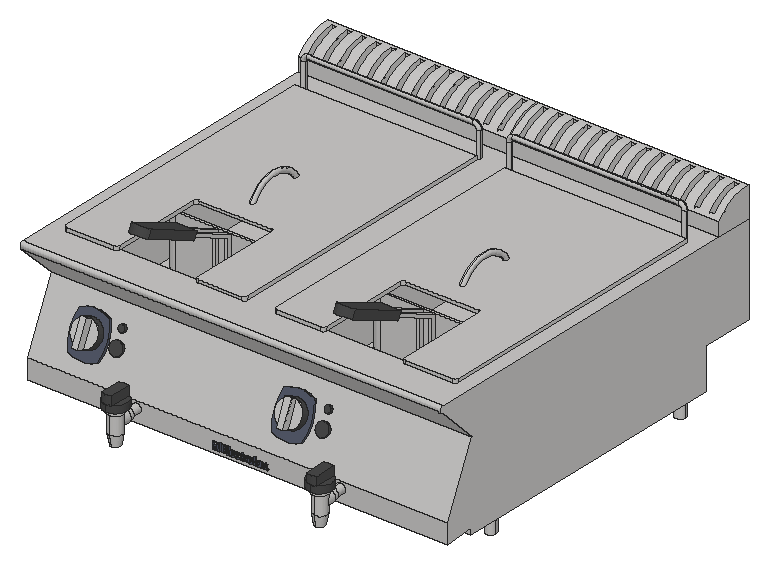
Revit family "QF_ELECTROLUXPROFESSIONAL_371067_E7FRGH2B00", category Specialty Equipment, Revit 2018 (continued)
Automatic sketch dimensions
  plane 3 "LEFT" to Extrusion 32 sketch curve = 78.433 mm
  Extrusion 32 sketch curve to Extrusion 32 sketch curve = 9.296 mm
  Extrusion 32 sketch curve to Extrusion 32 sketch curve = 57.15 mm
  plane 1 "BACK" to Extrusion 33 sketch curve = 6.761 mm
  plane 3 "LEFT" to Extrusion 33 sketch curve = 106.275 mm
  Extrusion 33 sketch curve to Extrusion 33 sketch curve = 9.296 mm
  Extrusion 33 sketch curve to Extrusion 33 sketch curve = 57.15 mm
  plane 1 "BACK" to Extrusion 34 sketch curve = 6.761 mm
  plane 3 "LEFT" to Extrusion 34 sketch curve = 134.118 mm
  Extrusion 34 sketch curve to Extrusion 34 sketch curve = 9.296 mm
  Extrusion 34 sketch curve to Extrusion 34 sketch curve = 57.15 mm
  plane 1 "BACK" to Extrusion 35 sketch curve = 6.761 mm
  plane 3 "LEFT" to Extrusion 35 sketch curve = 161.96 mm
  Extrusion 35 sketch curve to Extrusion 35 sketch curve = 9.296 mm
  Extrusion 35 sketch curve to Extrusion 35 sketch curve = 57.15 mm
  plane 1 "BACK" to Extrusion 36 sketch curve = 6.761 mm
  plane 3 "LEFT" to Extrusion 36 sketch curve = 189.802 mm
  Extrusion 36 sketch curve to Extrusion 36 sketch curve = 9.296 mm
  Extrusion 36 sketch curve to Extrusion 36 sketch curve = 57.15 mm
  plane 1 "BACK" to Extrusion 37 sketch curve = 6.761 mm
  Extrusion 37 sketch curve to plane 7 "Center Y" = 182.405 mm
  Extrusion 37 sketch curve to Extrusion 37 sketch curve = 9.296 mm
  Extrusion 37 sketch curve to Extrusion 37 sketch curve = 57.15 mm
  plane 1 "BACK" to Extrusion 38 sketch curve = 6.761 mm
  Extrusion 38 sketch curve to plane 7 "Center Y" = 154.563 mm
  Extrusion 38 sketch curve to Extrusion 38 sketch curve = 9.296 mm
  Extrusion 38 sketch curve to Extrusion 38 sketch curve = 57.15 mm
  plane 1 "BACK" to Extrusion 39 sketch curve = 6.761 mm
  Extrusion 39 sketch curve to plane 7 "Center Y" = 126.721 mm
  Extrusion 39 sketch curve to Extrusion 39 sketch curve = 9.296 mm
  Extrusion 39 sketch curve to Extrusion 39 sketch curve = 57.15 mm
  plane 1 "BACK" to Extrusion 40 sketch curve = 6.761 mm
  Extrusion 40 sketch curve to plane 7 "Center Y" = 98.878 mm
  Extrusion 40 sketch curve to Extrusion 40 sketch curve = 9.296 mm
  Extrusion 40 sketch curve to Extrusion 40 sketch curve = 57.15 mm
  plane 1 "BACK" to Extrusion 41 sketch curve = 6.761 mm
  Extrusion 41 sketch curve to plane 7 "Center Y" = 71.036 mm
  Extrusion 41 sketch curve to Extrusion 41 sketch curve = 9.296 mm
  Extrusion 41 sketch curve to Extrusion 41 sketch curve = 57.15 mm
  plane 1 "BACK" to Extrusion 42 sketch curve = 6.761 mm
  Extrusion 42 sketch curve to plane 7 "Center Y" = 43.194 mm
  Extrusion 42 sketch curve to Extrusion 42 sketch curve = 9.296 mm
  Extrusion 42 sketch curve to Extrusion 42 sketch curve = 57.15 mm
  Extrusion 44 sketch curve to plane 1 "BACK" = 6.761 mm
  Extrusion 44 sketch curve to plane 7 "Center Y" = 15.351 mm
  Extrusion 44 sketch curve to Extrusion 44 sketch curve = 9.296 mm
  Extrusion 44 sketch curve to Extrusion 44 sketch curve = 57.15 mm
  Extrusion 51 sketch curve to plane 1 "BACK" = 6.761 mm
  Extrusion 51 sketch curve to plane 7 "Center Y" = 182.405 mm
  Extrusion 51 sketch curve to Extrusion 51 sketch curve = 9.296 mm
  Extrusion 51 sketch curve to Extrusion 51 sketch curve = 57.15 mm
  Extrusion 52 sketch curve to plane 1 "BACK" = 6.761 mm
  Extrusion 52 sketch curve to plane 7 "Center Y" = 154.563 mm
  Extrusion 52 sketch curve to Extrusion 52 sketch curve = 9.296 mm
  Extrusion 52 sketch curve to Extrusion 52 sketch curve = 57.15 mm
  Extrusion 53 sketch curve to plane 1 "BACK" = 6.761 mm
  Extrusion 53 sketch curve to plane 7 "Center Y" = 126.721 mm
  Extrusion 53 sketch curve to Extrusion 53 sketch curve = 9.296 mm
  Extrusion 53 sketch curve to Extrusion 53 sketch curve = 57.15 mm
  Extrusion 54 sketch curve to plane 1 "BACK" = 6.761 mm
  Extrusion 54 sketch curve to plane 7 "Center Y" = 98.878 mm
  Extrusion 54 sketch curve to Extrusion 54 sketch curve = 9.296 mm
  Extrusion 54 sketch curve to Extrusion 54 sketch curve = 57.15 mm
  Extrusion 55 sketch curve to plane 1 "BACK" = 6.761 mm
  Extrusion 55 sketch curve to plane 7 "Center Y" = 71.036 mm
  Extrusion 55 sketch curve to Extrusion 55 sketch curve = 9.296 mm
  Extrusion 55 sketch curve to Extrusion 55 sketch curve = 57.15 mm
  Extrusion 56 sketch curve to plane 1 "BACK" = 6.761 mm
  Extrusion 56 sketch curve to plane 7 "Center Y" = 43.194 mm
  Extrusion 56 sketch curve to Extrusion 56 sketch curve = 9.296 mm
  Extrusion 56 sketch curve to Extrusion 56 sketch curve = 57.15 mm
  plane 7 "Center Y" to Extrusion 57 sketch curve = 1.588 mm
  Extrusion 57 sketch curve to plane 7 "Center Y" = 1.587 mm
  Extrusion 57 sketch curve to plane 1 "BACK" = 0.00 mm
  Extrusion 57 sketch curve to Extrusion 57 sketch curve = 69.85 mm
  Extrusion 1 sketch curve to plane 10 "TOP A" = 0.00 mm
  Extrusion 1 sketch curve to plane 9 "BASE" = 0.00 mm
  Extrusion 1 sketch curve to plane 1 "BACK" = 0.00 mm
  Extrusion 1 sketch curve to plane 12 = 46.038 mm
  plane 11 to Extrusion 1 sketch curve = 59.531 mm
  plane 9 "BASE" to Extrusion 1 sketch curve = 12.70 mm
  plane 11 to Extrusion 1 sketch curve = 62.516 mm
  Extrusion 1 sketch curve to plane 5 "FRONT" = 16.478 mm
  Extrusion 1 sketch curve to plane 5 "FRONT" = 4.973 mm
  Extrusion 1 sketch curve to plane 5 "FRONT" = 0.483 mm
  plane 9 "BASE" to Extrusion 1 sketch curve = 7.09 mm
  Extrusion 1 sketch curve to Extrusion 1 sketch curve = 38.10 mm
  plane 9 "BASE" to Extrusion 1 sketch curve = 77.788 mm
  Extrusion 1 sketch curve to plane 10 "TOP A" = 83.191 mm
  Extrusion 1 sketch curve to plane 10 "TOP A" = 10.84 mm
  Extrusion 2 sketch curve to plane 10 "TOP A" = 0.00 mm
  Extrusion 2 sketch curve to plane 1 "BACK" = 0.00 mm
  Extrusion 2 sketch curve to plane 6 "TOP" = 0.00 mm
  plane 1 "BACK" to Extrusion 2 sketch curve = 1.769 mm
  plane 10 "TOP A" to Extrusion 2 sketch curve = 25.40 mm
  plane 1 "BACK" to Extrusion 2 sketch curve = 69.85 mm
  plane 12 to Extrusion 3 sketch curve = 0.124 mm  (x2)
  Extrusion 3 sketch curve to plane 4 "RIGHT" = 33.338 mm
  plane 7 "Center Y" to Extrusion 3 sketch curve = 26.988 mm
  Extrusion 3 sketch curve to plane 7 "Center Y" = 26.988 mm
  plane 3 "LEFT" to Extrusion 3 sketch curve = 33.338 mm
  plane 11 to Extrusion 3 sketch curve = 57.877 mm
  Extrusion 3 sketch curve to Extrusion 3 sketch curve = 0.00 mm
  plane 11 to Extrusion 5 sketch curve = 0.00 mm  (x2)
  plane 12 to Extrusion 5 sketch curve = 0.00 mm  (x2)
  plane 3 "LEFT" to Extrusion 5 sketch curve = 11.112 mm  (x2)
  Extrusion 5 sketch curve to plane 4 "RIGHT" = 11.113 mm  (x2)
  Extrusion 6 sketch curve to Extrusion 1 = 31.333 mm  (x4)
  Extrusion 6 sketch curve to Extrusion 6 sketch curve = 12.30 mm  (x6)
  Extrusion 6 sketch curve to Extrusion 6 sketch curve = 34.925 mm  (x4)
  Extrusion 1 to Extrusion 6 sketch curve = 44.467 mm  (x2)
  Extrusion 1 to Extrusion 6 sketch curve = 260.873 mm
  Extrusion 6 sketch curve to Extrusion 6 sketch curve = 25.727 mm  (x4)
  Extrusion 6 sketch curve to Extrusion 6 sketch curve = 28.575 mm  (x2)
  Extrusion 1 to Extrusion 6 sketch curve = 150.405 mm
  Extrusion 7 sketch curve to Extrusion 7 sketch curve = 0.00 mm
  Extrusion 7 sketch curve to Extrusion 7 sketch curve = 388.937 mm
  Extrusion 8 sketch curve to Extrusion 8 sketch curve = 24.732 mm  (x2)
  Extrusion 8 sketch curve to Extrusion 8 sketch curve = 0.00 mm  (x2)
  Extrusion 1 to Extrusion 9 sketch curve = 39.678 mm  (x2)
  Extrusion 1 to Extrusion 9 sketch curve = 258.402 mm
  Extrusion 1 to Extrusion 9 sketch curve = 149.585 mm
  Extrusion 10 sketch curve to Extrusion 1 = 61.922 mm  (x2)
  Extrusion 1 to Extrusion 10 sketch curve = 258.402 mm
  Extrusion 1 to Extrusion 10 sketch curve = 149.585 mm
  Revolve 11 sketch curve to plane 9 "BASE" = 8.123 mm
  plane 5 "FRONT" to Revolve 11 sketch curve = 32.926 mm
  Revolve 11 sketch curve to Revolve 11 sketch curve = 0.00 mm
  Revolve 11 sketch curve to Revolve 11 sketch curve = 9.009 mm
  plane 5 "FRONT" to Revolve 11 sketch curve = 20.301 mm
  Revolve 11 sketch curve to Revolve 11 sketch curve = 3.277 mm
  Revolve 11 sketch curve to Revolve 11 sketch curve = 6.35 mm
  plane 9 "BASE" to Revolve 11 sketch curve = 12.388 mm
  Revolve 11 sketch curve to Revolve 11 sketch curve = 36.341 mm
  Revolve 11 sketch curve to Revolve 11 sketch curve = 7.879 mm
  Revolve 11 sketch curve to Revolve 11 sketch curve = 12.70 mm  (x2)
  Revolve 11 sketch curve to Revolve 11 sketch curve = 15.064 mm
  plane 5 "FRONT" to Revolve 12 sketch curve = 34.322 mm
  plane 5 "FRONT" to Revolve 12 sketch curve = 12.357 mm
  plane 5 "FRONT" to Revolve 12 sketch curve = 3.364 mm
  Revolve 12 sketch curve to plane 5 "FRONT" = 16.478 mm
  Revolve 12 sketch curve to Revolve 12 sketch curve = 0.00 mm  (x2)
  Revolve 12 sketch curve to Revolve 12 sketch curve = 9.137 mm
  plane 9 "BASE" to Revolve 12 sketch curve = 19.447 mm
  Revolve 12 sketch curve to Revolve 12 sketch curve = 1.702 mm
  Revolve 12 sketch curve to Revolve 12 sketch curve = 2.047 mm
  Revolve 12 sketch curve to Revolve 12 sketch curve = 12.303 mm
  Revolve 13 sketch curve to plane 9 "BASE" = 8.123 mm
  plane 5 "FRONT" to Revolve 13 sketch curve = 32.926 mm
  Revolve 13 sketch curve to Revolve 13 sketch curve = 0.00 mm
  Revolve 13 sketch curve to Revolve 13 sketch curve = 9.009 mm
  plane 5 "FRONT" to Revolve 13 sketch curve = 20.301 mm
  Revolve 13 sketch curve to Revolve 13 sketch curve = 3.277 mm
  Revolve 13 sketch curve to Revolve 13 sketch curve = 6.35 mm
  plane 9 "BASE" to Revolve 13 sketch curve = 12.388 mm
  Revolve 13 sketch curve to Revolve 13 sketch curve = 36.341 mm
  Revolve 13 sketch curve to Revolve 13 sketch curve = 7.879 mm
  Revolve 13 sketch curve to Revolve 13 sketch curve = 12.70 mm  (x2)
  Revolve 13 sketch curve to Revolve 13 sketch curve = 15.064 mm
  plane 5 "FRONT" to Revolve 14 sketch curve = 34.322 mm
  plane 5 "FRONT" to Revolve 14 sketch curve = 12.357 mm
  plane 5 "FRONT" to Revolve 14 sketch curve = 3.364 mm
  Revolve 14 sketch curve to plane 5 "FRONT" = 16.478 mm
  Revolve 14 sketch curve to Revolve 14 sketch curve = 0.00 mm  (x2)
  Revolve 14 sketch curve to Revolve 14 sketch curve = 9.137 mm
  plane 9 "BASE" to Revolve 14 sketch curve = 19.447 mm
  Revolve 14 sketch curve to Revolve 14 sketch curve = 1.702 mm
  Revolve 14 sketch curve to Revolve 14 sketch curve = 2.047 mm
  Revolve 14 sketch curve to Revolve 14 sketch curve = 12.303 mm
  Extrusion 15 sketch curve to Extrusion 15 sketch curve = 0.00 mm  (x5)
  Extrusion 15 sketch curve to Extrusion 15 sketch curve = 20.063 mm  (x2)
  Revolve 11 to Extrusion 15 sketch curve = 9.626 mm
  Extrusion 15 sketch curve to Revolve 11 = 9.626 mm
  Extrusion 15 sketch curve to Extrusion 15 sketch curve = 369.686 mm
  Extrusion 15 sketch curve to Extrusion 15 sketch curve = 9.626 mm
  Extrusion 1 to Extrusion 16 sketch curve = 33.906 mm
  plane 1 "BACK" to Extrusion 17 sketch curve = 0.00 mm
  Extrusion 17 sketch curve to plane 3 "LEFT" = 0.00 mm
  Extrusion 17 sketch curve to plane 4 "RIGHT" = 0.00 mm
  Extrusion 17 sketch curve to plane 3 "LEFT" = 150.019 mm
  plane 5 "FRONT" to Extrusion 17 sketch curve = 1.377 mm  (x2)
  plane 4 "RIGHT" to Extrusion 17 sketch curve = 150.019 mm
  Extrusion 17 sketch curve to plane 1 "BACK" = 150.019 mm
  curve 7 to plane 4 "RIGHT" = 0.00 mm
  plane 5 "FRONT" to curve 93 = 0.00 mm
  curve 6 to plane 3 "LEFT" = 0.00 mm
  plane 1 "BACK" to curve 4 = 0.00 mm
  plane 4 "RIGHT" to curve 3 = 150.019 mm
  curve 134 to plane 4 "RIGHT" = 13.453 mm
  curve 134 to curve 133 = 9.296 mm
  curve 43 to plane 4 "RIGHT" = 26.988 mm
  curve 44 to curve 45 = 6.35 mm
  curve 43 to curve 81 = 10.61 mm
  curve 140 to curve 139 = 9.296 mm
  curve 143 to curve 142 = 9.296 mm
  curve 142 to curve 146 = 18.547 mm
  curve 146 to curve 145 = 9.296 mm
  curve 45 to curve 46 = 88.90 mm
  curve 145 to curve 149 = 18.547 mm
  curve 46 to curve 61 = 6.35 mm
  curve 149 to curve 150 = 9.296 mm
  curve 47 to curve 48 = 6.35 mm
  plane 1 "BACK" to curve 153 = 6.761 mm
  curve 148 to curve 153 = 18.547 mm
  curve 152 to curve 151 = 9.296 mm
  plane 1 "BACK" to curve 156 = 6.761 mm
  curve 151 to curve 156 = 18.547 mm
  curve 47 to curve 67 = 54.879 mm
  curve 60 to curve 67 = 0.00 mm  (x2)
  curve 59 to plane 11 = 5.711 mm
  curve 47 to curve 59 = 58.32 mm
  curve 155 to curve 156 = 9.296 mm
  curve 48 to curve 64 = 56.049 mm
  plane 5 "FRONT" to curve 93 = 13.586 mm
  curve 60 to curve 93 = 8.46 mm
  curve 48 to curve 68 = 60.633 mm
  curve 93 to curve 90 = 1.381 mm
  curve 64 to curve 63 = 5.857 mm
  curve 68 to curve 70 = 4.449 mm
  curve 67 to curve 67 = 18.617 mm
  curve 90 to curve 89 = 9.626 mm
  plane 1 "BACK" to curve 159 = 6.761 mm
  curve 156 to curve 159 = 18.547 mm
  curve 63 to curve 66 = 17.363 mm
  curve 88 to curve 91 = 9.626 mm
  curve 91 to curve 92 = 1.488 mm
  curve 158 to curve 157 = 9.296 mm
  curve 66 to curve 65 = 5.857 mm
  curve 60 to curve 57 = 18.617 mm
  plane 1 "BACK" to curve 161 = 6.761 mm
  curve 157 to curve 161 = 18.547 mm
  curve 161 to curve 162 = 9.296 mm
  plane 1 "BACK" to curve 165 = 6.761 mm
  curve 160 to curve 165 = 18.547 mm
  curve 65 to curve 50 = 51.399 mm
  curve 164 to curve 163 = 9.296 mm
  curve 50 to curve 50 = 6.35 mm
  curve 51 to curve 52 = 6.35 mm
  plane 1 "BACK" to curve 168 = 6.761 mm
  curve 163 to curve 168 = 18.547 mm
  curve 167 to curve 166 = 9.296 mm
  plane 1 "BACK" to curve 171 = 6.761 mm
  curve 166 to curve 171 = 18.547 mm
  curve 170 to curve 169 = 9.296 mm
  curve 169 to curve 173 = 18.547 mm
  plane 7 "Center Y" to curve 53 = 33.338 mm
  plane 7 "Center Y" to curve 80 = 28.891 mm
  curve 54 to curve 55 = 6.35 mm
  curve 172 to curve 137 = 18.547 mm
  curve 137 to curve 136 = 9.296 mm
  plane 1 "BACK" to curve 94 = 6.761 mm
  curve 94 to plane 7 "Center Y" = 15.351 mm
  curve 94 to curve 95 = 9.296 mm
  curve 23 to plane 7 "Center Y" = 26.988 mm
  curve 23 to curve 76 = 1.903 mm
  curve 22 to curve 22 = 6.35 mm
  plane 1 "BACK" to curve 132 = 6.761 mm
  curve 95 to curve 132 = 18.547 mm
  plane 1 "BACK" to curve 129 = 6.761 mm
  curve 131 to curve 129 = 18.547 mm
  plane 1 "BACK" to curve 126 = 6.761 mm
  curve 128 to curve 126 = 18.547 mm
  curve 124 to curve 125 = 9.296 mm
  curve 22 to curve 20 = 82.55 mm
  curve 41 to plane 7 "Center Y" = 122.238 mm
  plane 1 "BACK" to curve 123 = 6.761 mm
  curve 125 to curve 123 = 18.547 mm
  curve 18 to curve 17 = 6.35 mm
  curve 121 to curve 122 = 9.296 mm
  plane 1 "BACK" to curve 118 = 6.761 mm
  curve 122 to curve 118 = 18.547 mm
  curve 118 to curve 119 = 9.296 mm
  curve 19 to curve 31 = 53.67 mm
  curve 26 to curve 34 = 4.079 mm
  plane 1 "BACK" to curve 117 = 6.761 mm
  curve 119 to curve 117 = 18.547 mm
  curve 26 to curve 86 = 6.654 mm
  curve 86 to curve 85 = 1.488 mm
  curve 34 to curve 35 = 5.857 mm
  curve 115 to curve 117 = 9.296 mm
  curve 85 to curve 82 = 9.626 mm
  curve 36 to curve 36 = 18.617 mm
  curve 29 to curve 36 = 0.00 mm
  plane 8 "Center X" to curve 38 = 38.031 mm
  curve 18 to curve 38 = 66.994 mm
  curve 40 to curve 40 = 4.449 mm
  curve 35 to curve 32 = 17.363 mm
  curve 82 to curve 84 = 9.626 mm
  curve 84 to curve 87 = 1.381 mm
  curve 32 to curve 33 = 5.857 mm
  curve 116 to curve 112 = 18.547 mm
  curve 29 to curve 36 = 18.617 mm
  curve 36 to curve 36 = 3.442 mm
  curve 36 to curve 29 = 3.442 mm
  curve 109 to curve 110 = 9.296 mm
  curve 33 to curve 16 = 56.049 mm
  curve 110 to curve 106 = 18.547 mm
  curve 30 to curve 14 = 58.32 mm
  curve 106 to curve 107 = 9.296 mm
  curve 15 to curve 14 = 6.35 mm
  plane 1 "BACK" to curve 105 = 6.761 mm
  curve 107 to curve 105 = 18.547 mm
  curve 103 to curve 104 = 9.296 mm
  plane 1 "BACK" to curve 102 = 6.761 mm
  curve 104 to curve 102 = 18.547 mm
  curve 100 to curve 101 = 9.296 mm
  plane 1 "BACK" to curve 99 = 6.761 mm
  curve 101 to curve 99 = 18.547 mm
  curve 97 to curve 98 = 9.296 mm
  curve 98 to curve 75 = 3.697 mm
  plane 3 "LEFT" to curve 13 = 33.338 mm
  curve 75 to curve 24 = 10.61 mm
  plane 1 "BACK" to curve 8 = 6.761 mm
  curve 98 to curve 8 = 18.547 mm
  curve 8 to curve 9 = 9.296 mm
  plane 5 "FRONT" to curve 1 = 1.377 mm
  curve 1 to plane 3 "LEFT" = 150.019 mm
  curve 1 to plane 1 "BACK" = 150.019 mm
  plane 1 "BACK" to curve 174 = 6.761 mm
  plane 1 "BACK" to curve 150 = 6.761 mm
  plane 1 "BACK" to curve 147 = 6.761 mm
  plane 1 "BACK" to curve 144 = 6.761 mm
  plane 1 "BACK" to curve 141 = 6.761 mm
  plane 1 "BACK" to curve 138 = 6.761 mm
  plane 1 "BACK" to curve 135 = 6.761 mm
  plane 1 "BACK" to curve 114 = 6.761 mm
  plane 1 "BACK" to curve 111 = 6.761 mm
  plane 1 "BACK" to curve 108 = 6.761 mm
  curve 8 to curve 8 = 57.15 mm
  curve 113 to curve 113 = 57.15 mm
  curve 112 to curve 115 = 0.00 mm
  curve 115 to curve 118 = 0.00 mm
  curve 130 to curve 94 = 0.00 mm
  curve 134 to curve 177 = 5.939 mm
  curve 137 to curve 78 = 36.504 mm
  curve 95 to curve 74 = 36.504 mm
  curve 78 to curve 79 = 7.655 mm
  curve 74 to curve 77 = 7.655 mm
  curve 75 to curve 24 = 4.767 mm
  curve 79 to curve 55 = 4.767 mm
  plane 8 "Center X" to curve 71 = 38.031 mm
  curve 70 to plane 8 "Center X" = 63.432 mm
  curve 39 to plane 8 "Center X" = 63.432 mm
  curve 38 to curve 18 = 46.229 mm
  curve 69 to curve 49 = 46.229 mm
  curve 50 to curve 72 = 22.324 mm
  curve 16 to curve 41 = 22.324 mm
  curve 16 to curve 32 = 25.499 mm
  curve 48 to curve 64 = 25.499 mm
  curve 32 to plane 11 = 5.711 mm
  plane 11 to curve 11 = 57.877 mm
  plane 11 to curve 62 = 57.877 mm
  plane 11 to curve 46 = 57.877 mm
  curve 30 to curve 31 = 0.00 mm
  curve 61 to curve 67 = 33.188 mm
  curve 30 to curve 36 = 33.188 mm
  curve 67 to curve 60 = 6.713 mm  (x2)
  curve 36 to curve 29 = 6.713 mm
  curve 60 to curve 67 = 4.011 mm
  curve 29 to curve 36 = 4.011 mm
  curve 36 to curve 28 = 6.713 mm
  plane 5 "FRONT" to curve 3 = 1.377 mm
  plane 5 "FRONT" to curve 83 = 10.673 mm
  curve 89 to curve 93 = 2.913 mm
  curve 82 to curve 85 = 2.19 mm
  Extrusion 18 sketch curve to plane 4 "RIGHT" = 26.988 mm
  Extrusion 18 sketch curve to Extrusion 18 sketch curve = 6.35 mm  (x8)
  Extrusion 18 sketch curve to Extrusion 18 sketch curve = 88.90 mm
  Extrusion 18 sketch curve to plane 4 "RIGHT" = 128.588 mm
  plane 7 "Center Y" to Extrusion 18 sketch curve = 128.588 mm
  plane 11 to Extrusion 18 sketch curve = 57.877 mm  (x4)
  plane 7 "Center Y" to Extrusion 18 sketch curve = 122.238 mm
  plane 7 "Center Y" to Extrusion 18 sketch curve = 33.338 mm
  Extrusion 18 sketch curve to plane 7 "Center Y" = 26.988 mm
  Extrusion 18 sketch curve to Extrusion 18 sketch curve = 82.55 mm
  plane 3 "LEFT" to Extrusion 18 sketch curve = 134.938 mm
  plane 3 "LEFT" to Extrusion 18 sketch curve = 128.588 mm
  plane 3 "LEFT" to Extrusion 18 sketch curve = 33.338 mm
  plane 3 "LEFT" to Extrusion 18 sketch curve = 26.988 mm
  Extrusion 18 sketch curve to plane 8 "Center X" = 116.012 mm  (x2)
  Extrusion 18 sketch curve to plane 12 = 34.801 mm  (x2)
  Sweep 19 sketch curve to plane 10 "TOP A" = 0.00 mm  (x2)
  Sweep 19 sketch curve to plane 6 "TOP" = 9.525 mm
  plane 3 "LEFT" to Sweep 19 sketch curve = 39.688 mm
  Sweep 19 sketch curve to Sweep 19 sketch curve = 6.35 mm  (x2)
  Sweep 19 sketch curve to plane 7 "Center Y" = 37.331 mm
  Sweep 19 sketch curve to profile plane = 2.09 mm
  profile plane to Sweep 19 sketch curve = 140.754 mm
  Extrusion 26 sketch curve to Extrusion 26 sketch curve = 0.00 mm  (x16)
  Extrusion 26 sketch curve to plane 4 "RIGHT" = 91.225 mm
  Extrusion 26 sketch curve to Extrusion 26 sketch curve = 3.175 mm  (x2)
  Extrusion 26 sketch curve to Extrusion 26 sketch curve = 22.225 mm  (x6)
  plane 7 "Center Y" to Extrusion 26 sketch curve = 105.625 mm  (x2)
  plane 12 to Extrusion 26 sketch curve = 44.673 mm
  Extrusion 26 sketch curve to plane 7 "Center Y" = 80.225 mm
  plane 3 "LEFT" to Extrusion 26 sketch curve = 116.625 mm  (x2)
  plane 12 to Extrusion 26 sketch curve = 41.498 mm
  Extrusion 26 sketch curve to plane 8 "Center X" = 116.11 mm  (x2)
  Sweep 29 sketch curve to plane 10 "TOP A" = 0.00 mm  (x2)
  Sweep 29 sketch curve to plane 6 "TOP" = 9.525 mm
  Sweep 29 sketch curve to plane 4 "RIGHT" = 39.688 mm
  Sweep 29 sketch curve to Sweep 29 sketch curve = 6.35 mm  (x2)
  plane 7 "Center Y" to Sweep 29 sketch curve = 37.331 mm
  profile plane to Sweep 29 sketch curve = 2.09 mm
  profile plane to Sweep 29 sketch curve = 140.754 mm
  Extrusion 43 sketch curve to plane 1 "BACK" = 6.761 mm
  plane 4 "RIGHT" to Extrusion 43 sketch curve = 22.749 mm
  Extrusion 43 sketch curve to Extrusion 43 sketch curve = 9.296 mm
  Extrusion 43 sketch curve to Extrusion 43 sketch curve = 57.15 mm
  Extrusion 45 sketch curve to plane 1 "BACK" = 6.761 mm
  plane 4 "RIGHT" to Extrusion 45 sketch curve = 50.591 mm
  Extrusion 45 sketch curve to Extrusion 45 sketch curve = 9.296 mm
  Extrusion 45 sketch curve to Extrusion 45 sketch curve = 57.15 mm
  Extrusion 46 sketch curve to plane 1 "BACK" = 6.761 mm
  plane 4 "RIGHT" to Extrusion 46 sketch curve = 78.433 mm
  Extrusion 46 sketch curve to Extrusion 46 sketch curve = 9.296 mm
  Extrusion 46 sketch curve to Extrusion 46 sketch curve = 57.15 mm
  Extrusion 47 sketch curve to plane 1 "BACK" = 6.761 mm
  plane 4 "RIGHT" to Extrusion 47 sketch curve = 106.275 mm
  Extrusion 47 sketch curve to Extrusion 47 sketch curve = 9.296 mm
  Extrusion 47 sketch curve to Extrusion 47 sketch curve = 57.15 mm
  Extrusion 48 sketch curve to plane 1 "BACK" = 6.761 mm
  plane 4 "RIGHT" to Extrusion 48 sketch curve = 134.118 mm
  Extrusion 48 sketch curve to Extrusion 48 sketch curve = 9.296 mm
  Extrusion 48 sketch curve to Extrusion 48 sketch curve = 57.15 mm
  Extrusion 49 sketch curve to plane 1 "BACK" = 6.761 mm
  plane 4 "RIGHT" to Extrusion 49 sketch curve = 161.96 mm
  Extrusion 49 sketch curve to Extrusion 49 sketch curve = 9.296 mm
  Extrusion 49 sketch curve to Extrusion 49 sketch curve = 57.15 mm
  Extrusion 50 sketch curve to plane 1 "BACK" = 6.761 mm
  plane 4 "RIGHT" to Extrusion 50 sketch curve = 189.802 mm
  Extrusion 50 sketch curve to Extrusion 50 sketch curve = 9.296 mm
  Extrusion 50 sketch curve to Extrusion 50 sketch curve = 57.15 mm
  plane 7 "Center Y" to curve 175 = 1.587 mm
  curve 176 to plane 7 "Center Y" = 1.588 mm
  curve 176 to curve 175 = 0.00 mm
  Extrusion 58 sketch curve to Extrusion 1 = 2.161 mm
  Extrusion 58 sketch curve to Extrusion 1 = 7.202 mm
  Extrusion 58 sketch curve to Extrusion 1 = 7.221 mm  (x2)
  Extrusion 58 sketch curve to Extrusion 58 sketch curve = 5.108 mm  (x2)
  Extrusion 58 sketch curve to Extrusion 58 sketch curve = 0.00 mm  (x27)
  Extrusion 58 sketch curve to Extrusion 1 = 7.322 mm
  Extrusion 58 sketch curve to Extrusion 58 sketch curve = 0.218 mm
  Extrusion 58 sketch curve to Extrusion 58 sketch curve = 0.195 mm
  Extrusion 58 sketch curve to Extrusion 58 sketch curve = 0.249 mm
  Extrusion 58 sketch curve to Extrusion 1 = 7.518 mm
  Extrusion 58 sketch curve to Extrusion 58 sketch curve = 0.087 mm
  Extrusion 58 sketch curve to Extrusion 58 sketch curve = 0.358 mm
  Extrusion 58 sketch curve to Extrusion 58 sketch curve = 0.481 mm
  Extrusion 58 sketch curve to Extrusion 58 sketch curve = 0.597 mm
  Extrusion 58 sketch curve to Extrusion 58 sketch curve = 0.544 mm
  Extrusion 58 sketch curve to Extrusion 58 sketch curve = 0.936 mm
  Extrusion 58 sketch curve to Extrusion 58 sketch curve = 0.594 mm
  Extrusion 58 sketch curve to Extrusion 58 sketch curve = 0.343 mm
  Extrusion 58 sketch curve to Extrusion 58 sketch curve = 0.159 mm
  Extrusion 58 sketch curve to Extrusion 58 sketch curve = 0.826 mm
  Extrusion 58 sketch curve to Extrusion 58 sketch curve = 0.839 mm
  Extrusion 58 sketch curve to Extrusion 58 sketch curve = 0.852 mm
  Extrusion 58 sketch curve to Extrusion 58 sketch curve = 0.887 mm
  Extrusion 58 sketch curve to Extrusion 58 sketch curve = 0.928 mm
  Extrusion 58 sketch curve to Extrusion 58 sketch curve = 0.938 mm
  Extrusion 58 sketch curve to Extrusion 58 sketch curve = 0.444 mm
  Extrusion 58 sketch curve to Extrusion 58 sketch curve = 1.11 mm  (x3)
  Extrusion 58 sketch curve to Extrusion 58 sketch curve = 0.215 mm
  Extrusion 58 sketch curve to Extrusion 58 sketch curve = 1.43 mm
  Extrusion 58 sketch curve to Extrusion 58 sketch curve = 1.188 mm
  Extrusion 58 sketch curve to Extrusion 58 sketch curve = 1.21 mm  (x2)
  Extrusion 58 sketch curve to Extrusion 58 sketch curve = 0.503 mm
  Extrusion 58 sketch curve to Extrusion 58 sketch curve = 0.488 mm
  Extrusion 58 sketch curve to Extrusion 58 sketch curve = 0.462 mm
  Extrusion 58 sketch curve to Extrusion 58 sketch curve = 1.386 mm
  Extrusion 58 sketch curve to Extrusion 58 sketch curve = 1.742 mm  (x2)
  Extrusion 58 sketch curve to Extrusion 58 sketch curve = 0.821 mm
  Extrusion 58 sketch curve to Extrusion 58 sketch curve = 0.497 mm
  Extrusion 58 sketch curve to Extrusion 58 sketch curve = 0.539 mm
  Extrusion 58 sketch curve to Extrusion 58 sketch curve = 0.686 mm
  Extrusion 58 sketch curve to Extrusion 58 sketch curve = 0.408 mm
  Extrusion 58 sketch curve to Extrusion 58 sketch curve = 0.743 mm
  Extrusion 58 sketch curve to Extrusion 58 sketch curve = 1.16 mm
  Extrusion 58 sketch curve to Extrusion 58 sketch curve = 0.329 mm
  Extrusion 58 sketch curve to Extrusion 58 sketch curve = 1.054 mm
  Extrusion 58 sketch curve to Extrusion 58 sketch curve = 1.056 mm
  Extrusion 58 sketch curve to Extrusion 58 sketch curve = 0.129 mm
  Extrusion 58 sketch curve to Extrusion 58 sketch curve = 0.489 mm
  Extrusion 58 sketch curve to Extrusion 58 sketch curve = 0.441 mm
  Extrusion 58 sketch curve to Extrusion 58 sketch curve = 1.151 mm
  Extrusion 58 sketch curve to Extrusion 58 sketch curve = 1.141 mm  (x2)
  Extrusion 58 sketch curve to Extrusion 58 sketch curve = 0.768 mm
  Extrusion 58 sketch curve to Extrusion 58 sketch curve = 1.653 mm
  Extrusion 58 sketch curve to Extrusion 58 sketch curve = 0.499 mm
  Extrusion 58 sketch curve to Extrusion 58 sketch curve = 0.964 mm
  Extrusion 58 sketch curve to Extrusion 58 sketch curve = 0.949 mm
  Extrusion 58 sketch curve to Extrusion 58 sketch curve = 1.345 mm  (x3)
  Extrusion 58 sketch curve to Extrusion 58 sketch curve = 1.101 mm
  Extrusion 58 sketch curve to Extrusion 58 sketch curve = 0.432 mm
  Extrusion 58 sketch curve to Extrusion 58 sketch curve = 1.142 mm
  Extrusion 58 sketch curve to Extrusion 58 sketch curve = 0.959 mm
  Extrusion 58 sketch curve to Extrusion 58 sketch curve = 0.176 mm
  Extrusion 58 sketch curve to Extrusion 58 sketch curve = 0.728 mm
  Extrusion 58 sketch curve to Extrusion 58 sketch curve = 3.375 mm  (x2)
  Extrusion 58 sketch curve to Extrusion 58 sketch curve = 0.541 mm
  Extrusion 58 sketch curve to Extrusion 58 sketch curve = 0.955 mm
  Extrusion 58 sketch curve to Extrusion 58 sketch curve = 1.251 mm
  Extrusion 58 sketch curve to Extrusion 58 sketch curve = 0.572 mm
  Extrusion 58 sketch curve to Extrusion 58 sketch curve = 1.92 mm
  Extrusion 58 sketch curve to Extrusion 58 sketch curve = 1.224 mm
  Extrusion 58 sketch curve to Extrusion 58 sketch curve = 0.745 mm
  Extrusion 58 sketch curve to Extrusion 58 sketch curve = 2.537 mm
  Extrusion 58 sketch curve to Extrusion 58 sketch curve = 0.896 mm  (x3)
  Extrusion 58 sketch curve to Extrusion 58 sketch curve = 0.036 mm
  Extrusion 58 sketch curve to Extrusion 58 sketch curve = 2.607 mm
  Extrusion 58 sketch curve to Extrusion 58 sketch curve = 0.066 mm
  Extrusion 58 sketch curve to Extrusion 58 sketch curve = 0.248 mm
  Extrusion 58 sketch curve to Extrusion 58 sketch curve = 0.449 mm
  Extrusion 58 sketch curve to Extrusion 58 sketch curve = 1.052 mm
  Extrusion 58 sketch curve to Extrusion 58 sketch curve = 1.863 mm
  Extrusion 58 sketch curve to Extrusion 58 sketch curve = 1.31 mm  (x2)
  Extrusion 58 sketch curve to Extrusion 58 sketch curve = 0.901 mm
  Extrusion 58 sketch curve to Extrusion 58 sketch curve = 1.107 mm
  Extrusion 58 sketch curve to Extrusion 58 sketch curve = 2.122 mm
  Extrusion 58 sketch curve to Extrusion 58 sketch curve = 2.101 mm
  Extrusion 58 sketch curve to Extrusion 58 sketch curve = 0.106 mm
  Extrusion 58 sketch curve to Extrusion 58 sketch curve = 0.029 mm
  Extrusion 58 sketch curve to Extrusion 58 sketch curve = 2.09 mm
  Extrusion 58 sketch curve to Extrusion 58 sketch curve = 1.279 mm
  Extrusion 58 sketch curve to Extrusion 58 sketch curve = 2.008 mm
  Extrusion 58 sketch curve to Extrusion 58 sketch curve = 0.738 mm
  Extrusion 58 sketch curve to Extrusion 58 sketch curve = 0.382 mm
  Extrusion 58 sketch curve to Extrusion 58 sketch curve = 0.384 mm
  Extrusion 58 sketch curve to Extrusion 58 sketch curve = 0.002 mm
  Extrusion 58 sketch curve to Extrusion 58 sketch curve = 0.561 mm
  Extrusion 58 sketch curve to Extrusion 58 sketch curve = 0.592 mm
  Extrusion 58 sketch curve to Extrusion 58 sketch curve = 2.692 mm
  Extrusion 58 sketch curve to Extrusion 58 sketch curve = 1.259 mm
  Extrusion 58 sketch curve to Extrusion 58 sketch curve = 0.802 mm
  Extrusion 58 sketch curve to Extrusion 58 sketch curve = 1.024 mm  (x2)
  Extrusion 58 sketch curve to Extrusion 58 sketch curve = 0.682 mm
  Extrusion 58 sketch curve to Extrusion 58 sketch curve = 5.934 mm
  Extrusion 58 sketch curve to Extrusion 58 sketch curve = 2.186 mm
  Extrusion 58 sketch curve to Extrusion 58 sketch curve = 0.337 mm
  Extrusion 58 sketch curve to Extrusion 58 sketch curve = 0.021 mm
  Extrusion 58 sketch curve to Extrusion 58 sketch curve = 1.005 mm
  Extrusion 58 sketch curve to Extrusion 58 sketch curve = 0.552 mm
  Extrusion 58 sketch curve to Extrusion 58 sketch curve = 0.778 mm
  Extrusion 58 sketch curve to Extrusion 58 sketch curve = 0.063 mm
  Extrusion 58 sketch curve to Extrusion 58 sketch curve = 1.023 mm
  Extrusion 58 sketch curve to Extrusion 58 sketch curve = 3.804 mm
  Extrusion 58 sketch curve to Extrusion 58 sketch curve = 0.486 mm
  Extrusion 58 sketch curve to Extrusion 58 sketch curve = 0.266 mm
  Extrusion 58 sketch curve to Extrusion 58 sketch curve = 1.547 mm
  Extrusion 58 sketch curve to Extrusion 58 sketch curve = 0.717 mm  (x2)
  Extrusion 58 sketch curve to Extrusion 58 sketch curve = 1.667 mm
  Extrusion 58 sketch curve to Extrusion 58 sketch curve = 3.174 mm
  Extrusion 58 sketch curve to Extrusion 58 sketch curve = 0.388 mm
  Extrusion 58 sketch curve to Extrusion 58 sketch curve = 1.342 mm
  Extrusion 58 sketch curve to Extrusion 58 sketch curve = 1.521 mm
  Extrusion 58 sketch curve to Extrusion 58 sketch curve = 0.124 mm
  Extrusion 58 sketch curve to Extrusion 58 sketch curve = 0.291 mm
  Extrusion 58 sketch curve to Extrusion 58 sketch curve = 1.049 mm  (x2)
  Extrusion 58 sketch curve to Extrusion 58 sketch curve = 1.70 mm
  Extrusion 58 sketch curve to Extrusion 58 sketch curve = 0.894 mm
  Extrusion 58 sketch curve to Extrusion 58 sketch curve = 0.989 mm
  Extrusion 58 sketch curve to Extrusion 58 sketch curve = 1.168 mm
  Extrusion 58 sketch curve to Extrusion 58 sketch curve = 1.594 mm
  Extrusion 58 sketch curve to Extrusion 58 sketch curve = 0.731 mm
  Extrusion 58 sketch curve to Extrusion 58 sketch curve = 1.566 mm
  Extrusion 58 sketch curve to Extrusion 58 sketch curve = 0.064 mm
  Extrusion 58 sketch curve to Extrusion 58 sketch curve = 0.556 mm  (x2)
  Extrusion 58 sketch curve to Extrusion 58 sketch curve = 0.48 mm
  Extrusion 58 sketch curve to Extrusion 58 sketch curve = 1.018 mm
  Extrusion 58 sketch curve to Extrusion 58 sketch curve = 0.787 mm
  Extrusion 58 sketch curve to Extrusion 58 sketch curve = 0.618 mm
  Extrusion 58 sketch curve to Extrusion 58 sketch curve = 1.672 mm
  Extrusion 58 sketch curve to Extrusion 58 sketch curve = 1.361 mm
  Extrusion 58 sketch curve to Extrusion 58 sketch curve = 0.822 mm
  Extrusion 58 sketch curve to Extrusion 58 sketch curve = 0.069 mm
  Extrusion 58 sketch curve to Extrusion 58 sketch curve = 1.88 mm
  Extrusion 58 sketch curve to Extrusion 58 sketch curve = 0.42 mm
  Extrusion 58 sketch curve to Extrusion 58 sketch curve = 0.062 mm
  Extrusion 58 sketch curve to Extrusion 58 sketch curve = 1.355 mm
  Extrusion 58 sketch curve to Extrusion 58 sketch curve = 2.34 mm
  Extrusion 58 sketch curve to Extrusion 58 sketch curve = 0.493 mm
  Extrusion 58 sketch curve to Extrusion 58 sketch curve = 0.136 mm
  Extrusion 58 sketch curve to Extrusion 58 sketch curve = 0.128 mm
  Extrusion 58 sketch curve to Extrusion 58 sketch curve = 3.616 mm
  Extrusion 58 sketch curve to Extrusion 58 sketch curve = 4.207 mm
  Extrusion 58 sketch curve to Extrusion 58 sketch curve = 0.183 mm
  Extrusion 58 sketch curve to Extrusion 58 sketch curve = 0.895 mm
  Extrusion 58 sketch curve to Extrusion 58 sketch curve = 1.314 mm
  Extrusion 58 sketch curve to Extrusion 58 sketch curve = 3.231 mm
  Extrusion 58 sketch curve to Extrusion 58 sketch curve = 1.299 mm
  Extrusion 58 sketch curve to Extrusion 58 sketch curve = 1.214 mm
  Extrusion 58 sketch curve to Extrusion 58 sketch curve = 1.264 mm
  Extrusion 58 sketch curve to Extrusion 58 sketch curve = 0.109 mm
  Extrusion 58 sketch curve to Extrusion 58 sketch curve = 0.357 mm
  Extrusion 58 sketch curve to Extrusion 58 sketch curve = 0.565 mm
  Extrusion 58 sketch curve to Extrusion 58 sketch curve = 2.504 mm
  Extrusion 58 sketch curve to Extrusion 58 sketch curve = 2.459 mm
  Extrusion 1 to Extrusion 58 sketch curve = 341.861 mm
  Extrusion 58 sketch curve to Extrusion 58 sketch curve = 0.208 mm
  Extrusion 58 sketch curve to Extrusion 58 sketch curve = 0.468 mm  (x2)
  Extrusion 58 sketch curve to Extrusion 58 sketch curve = 1.559 mm
  Extrusion 58 sketch curve to Extrusion 58 sketch curve = 0.422 mm  (x2)
  Extrusion 58 sketch curve to Extrusion 58 sketch curve = 0.494 mm
  Extrusion 58 sketch curve to Extrusion 58 sketch curve = 3.927 mm
  Extrusion 58 sketch curve to Extrusion 58 sketch curve = 0.782 mm
  Extrusion 58 sketch curve to Extrusion 58 sketch curve = 1.268 mm
  Extrusion 58 sketch curve to Extrusion 58 sketch curve = 0.671 mm
  Extrusion 58 sketch curve to Extrusion 58 sketch curve = 0.777 mm
  Extrusion 58 sketch curve to Extrusion 58 sketch curve = 0.704 mm
  Extrusion 58 sketch curve to Extrusion 58 sketch curve = 0.781 mm  (x2)
  Extrusion 58 sketch curve to Extrusion 58 sketch curve = 1.634 mm
  Extrusion 58 sketch curve to Extrusion 58 sketch curve = 0.132 mm
  Extrusion 58 sketch curve to Extrusion 58 sketch curve = 3.136 mm
  Extrusion 58 sketch curve to Extrusion 58 sketch curve = 2.422 mm
  Extrusion 58 sketch curve to Extrusion 58 sketch curve = 0.586 mm
  Extrusion 58 sketch curve to Extrusion 58 sketch curve = 2.046 mm  (x2)
  Extrusion 58 sketch curve to Extrusion 58 sketch curve = 1.241 mm
  Extrusion 58 sketch curve to Extrusion 58 sketch curve = 1.689 mm
  Extrusion 58 sketch curve to Extrusion 58 sketch curve = 2.859 mm
  Extrusion 58 sketch curve to Extrusion 58 sketch curve = 0.627 mm
  Extrusion 58 sketch curve to Extrusion 58 sketch curve = 0.863 mm
  Extrusion 58 sketch curve to Extrusion 58 sketch curve = 0.419 mm
  Extrusion 58 sketch curve to Extrusion 58 sketch curve = 1.514 mm
  Extrusion 58 sketch curve to Extrusion 58 sketch curve = 1.019 mm
  Extrusion 58 sketch curve to Extrusion 58 sketch curve = 0.065 mm
  Extrusion 58 sketch curve to Extrusion 58 sketch curve = 1.215 mm
  Extrusion 58 sketch curve to Extrusion 58 sketch curve = 2.708 mm
  Extrusion 58 sketch curve to Extrusion 58 sketch curve = 1.122 mm
  Extrusion 58 sketch curve to Extrusion 58 sketch curve = 1.153 mm
  Extrusion 58 sketch curve to Extrusion 58 sketch curve = 3.009 mm
  Extrusion 58 sketch curve to Extrusion 58 sketch curve = 0.829 mm  (x2)
  Extrusion 58 sketch curve to Extrusion 58 sketch curve = 0.934 mm
  Extrusion 58 sketch curve to Extrusion 58 sketch curve = 3.376 mm
  Extrusion 58 sketch curve to Extrusion 58 sketch curve = 0.222 mm
  Extrusion 58 sketch curve to Extrusion 58 sketch curve = 1.383 mm
  Extrusion 58 sketch curve to Extrusion 58 sketch curve = 1.556 mm
  Extrusion 58 sketch curve to Extrusion 58 sketch curve = 2.559 mm
  Extrusion 58 sketch curve to Extrusion 58 sketch curve = 2.51 mm
  Extrusion 58 sketch curve to Extrusion 58 sketch curve = 0.131 mm
  Extrusion 58 sketch curve to Extrusion 58 sketch curve = 1.717 mm
  Extrusion 58 sketch curve to Extrusion 58 sketch curve = 1.134 mm
  Extrusion 58 sketch curve to Extrusion 58 sketch curve = 0.366 mm
  Extrusion 58 sketch curve to Extrusion 58 sketch curve = 0.094 mm
  Extrusion 58 sketch curve to Extrusion 58 sketch curve = 1.584 mm
  Extrusion 58 sketch curve to Extrusion 58 sketch curve = 1.501 mm
  Extrusion 58 sketch curve to Extrusion 58 sketch curve = 0.27 mm
  Extrusion 58 sketch curve to Extrusion 58 sketch curve = 1.808 mm
  Extrusion 58 sketch curve to Extrusion 58 sketch curve = 0.643 mm
  Extrusion 58 sketch curve to Extrusion 58 sketch curve = 0.916 mm
  Extrusion 58 sketch curve to Extrusion 58 sketch curve = 0.352 mm
  Extrusion 58 sketch curve to Extrusion 58 sketch curve = 0.458 mm
  Extrusion 58 sketch curve to Extrusion 58 sketch curve = 1.282 mm
  Extrusion 58 sketch curve to Extrusion 58 sketch curve = 1.363 mm
  Extrusion 58 sketch curve to Extrusion 58 sketch curve = 0.685 mm
  Extrusion 58 sketch curve to Extrusion 58 sketch curve = 0.905 mm
  Extrusion 58 sketch curve to Extrusion 58 sketch curve = 2.865 mm
  Extrusion 58 sketch curve to Extrusion 58 sketch curve = 0.472 mm
  Extrusion 58 sketch curve to Extrusion 58 sketch curve = 0.101 mm
  Extrusion 58 sketch curve to Extrusion 58 sketch curve = 0.54 mm
  Extrusion 58 sketch curve to Extrusion 58 sketch curve = 0.02 mm
  Extrusion 58 sketch curve to Extrusion 58 sketch curve = 0.582 mm
  Extrusion 58 sketch curve to Extrusion 58 sketch curve = 0.166 mm
  Extrusion 58 sketch curve to Extrusion 58 sketch curve = 0.16 mm
  Extrusion 58 sketch curve to Extrusion 58 sketch curve = 2.781 mm
  Extrusion 58 sketch curve to Extrusion 58 sketch curve = 1.118 mm
  Extrusion 58 sketch curve to Extrusion 58 sketch curve = 0.613 mm
  Extrusion 58 sketch curve to Extrusion 58 sketch curve = 0.361 mm
  Extrusion 58 sketch curve to Extrusion 58 sketch curve = 0.897 mm
  Extrusion 58 sketch curve to Extrusion 58 sketch curve = 0.167 mm
  Extrusion 58 sketch curve to Extrusion 58 sketch curve = 0.292 mm
  Extrusion 58 sketch curve to Extrusion 58 sketch curve = 0.305 mm
  Extrusion 58 sketch curve to Extrusion 58 sketch curve = 1.557 mm
  Extrusion 58 sketch curve to Extrusion 58 sketch curve = 2.499 mm
  Extrusion 58 sketch curve to Extrusion 58 sketch curve = 3.062 mm
  Extrusion 58 sketch curve to Extrusion 58 sketch curve = 2.968 mm
  Extrusion 58 sketch curve to Extrusion 58 sketch curve = 5.044 mm
  Extrusion 58 sketch curve to Extrusion 58 sketch curve = 0.629 mm  (x2)
  Extrusion 58 sketch curve to Extrusion 58 sketch curve = 1.131 mm
  Extrusion 58 sketch curve to Extrusion 58 sketch curve = 0.137 mm
  Extrusion 58 sketch curve to Extrusion 58 sketch curve = 0.027 mm
  Extrusion 58 sketch curve to Extrusion 58 sketch curve = 2.235 mm
  plane 3 "LEFT" to curve 178 = 13.453 mm
  curve 178 to curve 178 = 9.296 mm
  curve 178 to curve 180 = 18.547 mm
  curve 180 to curve 180 = 9.296 mm
  curve 180 to curve 181 = 18.547 mm
  curve 181 to curve 181 = 9.296 mm
  curve 181 to curve 182 = 18.547 mm
  curve 182 to curve 182 = 9.296 mm
  curve 182 to curve 183 = 18.547 mm
  curve 183 to curve 183 = 9.296 mm
  curve 183 to curve 184 = 18.547 mm
  curve 184 to curve 184 = 9.296 mm
  curve 184 to curve 185 = 18.547 mm
  curve 185 to curve 185 = 9.296 mm
  curve 185 to curve 186 = 18.547 mm
  curve 186 to curve 186 = 9.296 mm
  curve 186 to curve 187 = 18.547 mm
  curve 187 to curve 187 = 9.296 mm
  curve 187 to curve 188 = 18.547 mm
  curve 188 to curve 188 = 9.296 mm
  curve 188 to curve 189 = 18.547 mm
  curve 189 to curve 189 = 9.296 mm
  curve 189 to curve 190 = 18.547 mm
  curve 190 to curve 190 = 9.296 mm
  curve 190 to curve 191 = 18.547 mm
  curve 191 to curve 191 = 9.296 mm
  curve 191 to curve 179 = 18.547 mm
  curve 179 to curve 179 = 9.296 mm
  plane 7 "Center Y" to curve 193 = 15.401 mm
  curve 193 to curve 193 = 9.296 mm
  curve 193 to curve 205 = 18.547 mm
  curve 205 to curve 205 = 9.296 mm
  curve 205 to curve 204 = 18.547 mm
  curve 204 to curve 204 = 9.296 mm
  curve 204 to curve 203 = 18.547 mm
  curve 203 to curve 203 = 9.296 mm
  curve 203 to curve 202 = 18.547 mm
  curve 202 to curve 202 = 9.296 mm
  curve 202 to curve 201 = 18.547 mm
  curve 201 to curve 201 = 9.296 mm
  curve 201 to curve 200 = 18.547 mm
  curve 200 to curve 200 = 9.296 mm
  curve 200 to curve 199 = 18.547 mm
  curve 199 to curve 199 = 9.296 mm
  curve 199 to curve 198 = 18.547 mm
  curve 198 to curve 198 = 9.296 mm
  curve 198 to curve 197 = 18.547 mm
  curve 197 to curve 197 = 9.296 mm
  curve 197 to curve 196 = 18.547 mm
  curve 196 to curve 196 = 9.296 mm
  curve 196 to curve 195 = 18.547 mm
  curve 195 to curve 195 = 9.296 mm
  curve 195 to curve 194 = 18.547 mm
  curve 194 to curve 194 = 9.296 mm
  curve 194 to curve 192 = 18.547 mm
  curve 192 to curve 192 = 9.296 mm
  plane 1 "BACK" to curve 178 = 63.911 mm
  plane 1 "BACK" to curve 179 = 63.911 mm
  curve 178 to curve 180 = 0.00 mm
  curve 180 to curve 181 = 0.00 mm
  curve 181 to curve 182 = 0.00 mm
  curve 182 to curve 183 = 0.00 mm
  curve 183 to curve 184 = 0.00 mm
  curve 184 to curve 185 = 0.00 mm
  curve 185 to curve 186 = 0.00 mm
  curve 186 to curve 187 = 0.00 mm
  curve 187 to curve 188 = 0.00 mm
  curve 188 to curve 189 = 0.00 mm
  curve 189 to curve 190 = 0.00 mm
  curve 190 to curve 191 = 0.00 mm
  plane 1 "BACK" to curve 192 = 63.911 mm
  curve 179 to curve 193 = 0.00 mm
  curve 194 to curve 192 = 0.00 mm
  curve 195 to curve 194 = 0.00 mm
  curve 196 to curve 195 = 0.00 mm
  curve 197 to curve 196 = 0.00 mm
  curve 198 to curve 197 = 0.00 mm
  curve 199 to curve 198 = 0.00 mm
  curve 200 to curve 199 = 0.00 mm
  curve 201 to curve 200 = 0.00 mm
  curve 202 to curve 201 = 0.00 mm
  curve 203 to curve 202 = 0.00 mm
  curve 204 to curve 203 = 0.00 mm
  curve 205 to curve 204 = 0.00 mm
  curve 133 to curve 140 = 18.547 mm
  curve 139 to curve 144 = 18.547 mm
  curve 173 to curve 172 = 9.296 mm
  curve 130 to curve 131 = 9.296 mm
  curve 127 to curve 129 = 9.296 mm
  curve 112 to curve 113 = 9.296 mm
  curve 113 to curve 109 = 18.547 mm
  curve 124 to curve 124 = 57.15 mm
  curve 125 to curve 124 = 0.00 mm
  curve 124 to curve 127 = 0.00 mm
  curve 128 to curve 127 = 0.00 mm
  curve 122 to curve 125 = 0.00 mm
  curve 122 to curve 121 = 0.00 mm
  curve 127 to curve 130 = 0.00 mm
  curve 131 to curve 130 = 0.00 mm
  curve 133 to curve 133 = 57.15 mm
  curve 133 to curve 134 = 0.00 mm
  curve 119 to curve 122 = 0.00 mm
  curve 119 to curve 118 = 0.00 mm
  curve 136 to curve 175 = 5.939 mm
  curve 136 to curve 137 = 0.00 mm
  curve 140 to curve 133 = 0.00 mm
  curve 142 to curve 140 = 0.00 mm
  curve 116 to curve 115 = 0.00 mm
  curve 142 to curve 143 = 0.00 mm
  curve 145 to curve 142 = 0.00 mm
  curve 145 to curve 146 = 0.00 mm
  curve 148 to curve 145 = 0.00 mm
  curve 148 to curve 149 = 0.00 mm
  curve 151 to curve 148 = 0.00 mm
  curve 151 to curve 152 = 0.00 mm
  curve 154 to curve 151 = 0.00 mm
  curve 110 to curve 113 = 0.00 mm
  curve 110 to curve 109 = 0.00 mm
  curve 154 to curve 155 = 0.00 mm
  curve 95 to curve 94 = 0.00 mm
  curve 157 to curve 154 = 0.00 mm
  curve 107 to curve 110 = 0.00 mm
  curve 107 to curve 106 = 0.00 mm
  curve 157 to curve 158 = 0.00 mm
  curve 160 to curve 157 = 0.00 mm
  curve 160 to curve 161 = 0.00 mm
  curve 163 to curve 160 = 0.00 mm
  curve 104 to curve 107 = 0.00 mm
  curve 104 to curve 103 = 0.00 mm
  curve 163 to curve 164 = 0.00 mm
  curve 166 to curve 163 = 0.00 mm
  curve 166 to curve 167 = 0.00 mm
  curve 169 to curve 166 = 0.00 mm
  curve 101 to curve 104 = 0.00 mm
  curve 101 to curve 100 = 0.00 mm
  curve 169 to curve 170 = 0.00 mm
  curve 137 to curve 172 = 0.00 mm
  curve 172 to curve 173 = 0.00 mm
  curve 9 to curve 8 = 0.00 mm
  curve 8 to curve 98 = 0.00 mm
  curve 98 to curve 97 = 0.00 mm
  curve 139 to curve 140 = 0.00 mm
  radius of Sweep 23 sketch curve = 4.353 mm
  radius of Sweep 24 sketch curve = 4.353 mm
  radius of Extrusion 5 sketch curve = 9.525 mm  (x4)
  radius of Extrusion 7 sketch curve = 25.40 mm  (x2)
  radius of Extrusion 8 sketch curve to Extrusion 7 = 0.00 mm  (x4)
  radius of Extrusion 9 sketch curve = 6.35 mm  (x2)
  radius of Extrusion 10 sketch curve = 12.70 mm  (x2)
  radius of Extrusion 15 sketch curve to Revolve 11 = 0.00 mm  (x2)
  radius of Extrusion 16 sketch curve = 6.35 mm
  radius of Sweep 19 sketch curve = 3.827 mm
  radius of Sweep 29 sketch curve = 3.827 mm
Connectors
  piping at (736.5, -88.9, 59.306), diameter 12.7
    settings: on Extrusion 16, index 1, connector inside diameter 1/2", connector length 0.00 mm, flow factor 0, pipe flow 0 GPM, pressure drop 0.00 psi, fitting loss kfactor 0, connector angle 0.00°, fixture units 0, engagement length 0.00 mm, angle of deflection 0.00°, flow configuration 1, flow direction 1, fitting loss method 0, system type 7, joint type 0, gender type 0, connector reference index -1, connector utility 0, adjustable connector no, is connector primary yes, connector description "Gas Inlet"
